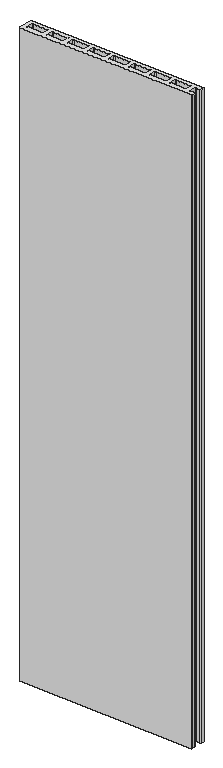
Revit family "ECP_MNH-5060A(オス側カット)", category 一般モデル, Revit 2022
Family settings
  鉄筋をホスト可能 = いいえ
  丸型コネクタ寸法 = 直径を使用
  パーツ タイプ = 標準
  作業面ベース = いいえ
  常に垂直 = はい
  ロード時にボイドで切り取り = はい
  注釈の向きを維持 = いいえ
  共有 = いいえ
  部屋計算ポイント = いいえ
Parameters (values of type "ECP_MNH-5060A")
  長さ [instance] = 2000 mm
  穴表示 = yes
  材質 = 40Msr_ECP
  既定の高さ = 0 mm
  既存長さ = 500 mm
  幅 [instance] = 590 mm
  固定寸法 = 590 mm
  厚さ = 50 mm
  オス側カット [instance] = 固定寸法 - 幅  # 0 mm
  4 オス側カット [instance] = yes
Reference planes
  plane 1 "中心(正面/背面)": y = 0
  plane 2: z = 0
  plane 3 "中心(左/右)": x = 0
  plane 4: y = -25
  plane 5: y = 25
  plane 6: z = 2000
  plane 7: x = 590
  plane 8: x = 0
  plane 9: x = 0
Forms (mm)
  Extrusion 1, solid, material "40Msr_ECP" <- "材質", detail levels fine
    sketch origin (0, 0, 0) x (1, 0, 0) y (0, 1, 0)
      loop
        line (0, -23) -> (2, -25) -> (588, -25) -> (590, -23) -> (590, -15)
        arc (590, -15) -> (589.121, -12.879) -> (587, -12) r 3
        line (587, -12) -> (573, -12)
        arc (573, -12) -> (570.879, -11.121) -> (570, -9) r 3
        line (570, -9) -> (570, 9)
        arc (570, 9) -> (570.879, 11.121) -> (573, 12) r 3
        line (573, 12) -> (587, 12)
        arc (587, 12) -> (589.121, 12.879) -> (590, 15) r 3
        line (590, 15) -> (590, 23) -> (588, 25) -> (2, 25) -> (0, 23) -> (0, 13)
        arc (0, 13) -> (-0.879, 10.879) -> (-3, 10) r 3
        line (-3, 10) -> (-17, 10)
        arc (-17, 10) -> (-19.121, 9.121) -> (-20, 7) r 3
        line (-20, 7) -> (-20, -7)
        arc (-20, -7) -> (-19.121, -9.121) -> (-17, -10) r 3
        line (-17, -10) -> (-3, -10)
        arc (-3, -10) -> (-0.879, -10.879) -> (0, -13) r 3
        line (0, -13) -> (0, -23)
    from 0 to 2000
  Extrusion 2, void
    sketch origin (-50, 0, 0) x (1, 0, 0) y (0, 1, 0)
      loop
        line (50, -25) -> (50, 25) -> (30, 25) -> (30, -25) -> (50, -25)
    from 0 to 2000
  Extrusion 3, void
    sketch origin (-617, 0, 0) x (1, 0, 0) y (0, 1, 0)
      loop
        line (633, -12) -> (682.5, -12)
        arc (682.5, -12) -> (684.622, -11.121) -> (685.5, -9) r 3
        line (685.5, -9) -> (685.5, 9)
        arc (685.5, 9) -> (684.622, 11.121) -> (682.5, 12) r 3
        line (682.5, 12) -> (633, 12)
        arc (633, 12) -> (630.879, 11.121) -> (630, 9) r 3
        line (630, 9) -> (630, -9)
        arc (630, -9) -> (630.879, -11.121) -> (633, -12) r 3
      loop
        line (701.5, -12) -> (752.5, -12)
        arc (752.5, -12) -> (754.622, -11.121) -> (755.5, -9) r 3
        line (755.5, -9) -> (755.5, 9)
        arc (755.5, 9) -> (754.622, 11.121) -> (752.5, 12) r 3
        line (752.5, 12) -> (701.5, 12)
        arc (701.5, 12) -> (699.379, 11.121) -> (698.5, 9) r 3
        line (698.5, 9) -> (698.5, -9)
        arc (698.5, -9) -> (699.379, -11.121) -> (701.5, -12) r 3
      loop
        line (771.5, -12) -> (822.5, -12)
        arc (822.5, -12) -> (824.622, -11.121) -> (825.5, -9) r 3
        line (825.5, -9) -> (825.5, 9)
        arc (825.5, 9) -> (824.622, 11.121) -> (822.5, 12) r 3
        line (822.5, 12) -> (771.5, 12)
        arc (771.5, 12) -> (769.379, 11.121) -> (768.5, 9) r 3
        line (768.5, 9) -> (768.5, -9)
        arc (768.5, -9) -> (769.379, -11.121) -> (771.5, -12) r 3
      loop
        line (841.5, -12) -> (892.5, -12)
        arc (892.5, -12) -> (894.622, -11.121) -> (895.5, -9) r 3
        line (895.5, -9) -> (895.5, 9)
        arc (895.5, 9) -> (894.622, 11.121) -> (892.5, 12) r 3
        line (892.5, 12) -> (841.5, 12)
        arc (841.5, 12) -> (839.379, 11.121) -> (838.5, 9) r 3
        line (838.5, 9) -> (838.5, -9)
        arc (838.5, -9) -> (839.379, -11.121) -> (841.5, -12) r 3
      loop
        line (911.5, -12) -> (962.5, -12)
        arc (962.5, -12) -> (964.622, -11.121) -> (965.5, -9) r 3
        line (965.5, -9) -> (965.5, 9)
        arc (965.5, 9) -> (964.622, 11.121) -> (962.5, 12) r 3
        line (962.5, 12) -> (911.5, 12)
        arc (911.5, 12) -> (909.379, 11.121) -> (908.5, 9) r 3
        line (908.5, 9) -> (908.5, -9)
        arc (908.5, -9) -> (909.379, -11.121) -> (911.5, -12) r 3
      loop
        line (981.5, -12) -> (1032.5, -12)
        arc (1032.5, -12) -> (1034.622, -11.121) -> (1035.5, -9) r 3
        line (1035.5, -9) -> (1035.5, 9)
        arc (1035.5, 9) -> (1034.622, 11.121) -> (1032.5, 12) r 3
        line (1032.5, 12) -> (981.5, 12)
        arc (981.5, 12) -> (979.379, 11.121) -> (978.5, 9) r 3
        line (978.5, 9) -> (978.5, -9)
        arc (978.5, -9) -> (979.379, -11.121) -> (981.5, -12) r 3
      loop
        line (1051.5, -12) -> (1102.5, -12)
        arc (1102.5, -12) -> (1104.622, -11.121) -> (1105.5, -9) r 3
        line (1105.5, -9) -> (1105.5, 9)
        arc (1105.5, 9) -> (1104.622, 11.121) -> (1102.5, 12) r 3
        line (1102.5, 12) -> (1051.5, 12)
        arc (1051.5, 12) -> (1049.379, 11.121) -> (1048.5, 9) r 3
        line (1048.5, 9) -> (1048.5, -9)
        arc (1048.5, -9) -> (1049.379, -11.121) -> (1051.5, -12) r 3
      loop
        line (1121.5, -12) -> (1171, -12)
        arc (1171, -12) -> (1173.122, -11.121) -> (1174, -9) r 3
        line (1174, -9) -> (1174, 9)
        arc (1174, 9) -> (1173.122, 11.121) -> (1171, 12) r 3
        line (1171, 12) -> (1121.5, 12)
        arc (1121.5, 12) -> (1119.379, 11.121) -> (1118.5, 9) r 3
        line (1118.5, 9) -> (1118.5, -9)
        arc (1118.5, -9) -> (1119.379, -11.121) -> (1121.5, -12) r 3
    from 0 to 2000
Cuts and joins
  Extrusion 2, Extrusion 3 cuts Extrusion 1
Lines and regions (mm)
  symbolic lines, style "ECPパネル", detail levels coarse+medium
    curve 1: line (0, 25, 0) -> (590, 25, 0)
    curve 2: line (0, -25, 0) -> (0, 25, 0)
    curve 3: line (590, -25, 0) -> (0, -25, 0)
    curve 4: line (590, 25, 0) -> (590, -25, 0)
    curve 5: line (0, 0, 0) -> (590, 0, 0)
    curve 6: line (0, 0, 2000) -> (0, 0, 0)
    curve 7: line (590, 0, 2000) -> (0, 0, 2000)
    curve 8: line (590, 0, 0) -> (590, 0, 2000)
    curve 9: line (0, -25, 2000) -> (0, 25, 2000)
    curve 10: line (0, -25, 0) -> (0, -25, 2000)
    curve 11: line (0, 25, 0) -> (0, -25, 0)
    curve 12: line (0, 25, 2000) -> (0, 25, 0)
Dimensions and locks
  "厚さ": plane 4 to plane 5
  "長さ": plane 6 to level
  equal spacing: plane 4, plane 1 "中心(正面/背面)", plane 5
  "長さ": cut or joined group of Extrusion 1, Extrusion 2, Extrusion 3 to level
  "長さ": Extrusion 2 to level
  "幅": cut or joined group of Extrusion 1, Extrusion 2, Extrusion 3 to curve 8
  "長さ": level to Extrusion 3
  "オス側カット": plane 3 "中心(左/右)" to Extrusion 2 sketch curve
  Extrusion 2 sketch curve to plane 7 = 590 mm
  "固定寸法": plane 8 to plane 7
  "幅": plane 9 to plane 7
  aligned and locked: level to plane 2
Automatic sketch dimensions
  curve 11 to level = 0 mm
  curve 11 to plane 4 = 0 mm
  curve 11 to plane 5 = 0 mm
  curve 10 to plane 6 = 0 mm
  curve 7 to plane 3 "中心(左/右)" = 0 mm
  curve 5 to level = 0 mm
  curve 7 to plane 6 = 0 mm
  Extrusion 1 sketch curve to plane 3 "中心(左/右)" = 0 mm  (x2)
  plane 5 to Extrusion 1 sketch curve = 0 mm
  plane 4 to Extrusion 1 sketch curve = 0 mm
  Extrusion 1 sketch curve to plane 3 "中心(左/右)" = 3 mm  (x2)
  Extrusion 1 sketch curve to Extrusion 1 sketch curve = 14 mm  (x4)
  Extrusion 1 sketch curve to Extrusion 1 sketch curve = 3 mm  (x3)
  plane 3 "中心(左/右)" to Extrusion 1 sketch curve = 2 mm  (x2)
  plane 1 "中心(正面/背面)" to Extrusion 1 sketch curve = 9 mm
  Extrusion 1 sketch curve to Extrusion 1 sketch curve = 1 mm  (x2)
  Extrusion 1 sketch curve to Extrusion 1 sketch curve = 2 mm  (x2)
  Extrusion 1 sketch curve to plane 4 = 2 mm  (x2)
  Extrusion 1 sketch curve to Extrusion 1 sketch curve = 10 mm
  Extrusion 1 sketch curve to plane 1 "中心(正面/背面)" = 7 mm
  Extrusion 1 sketch curve to plane 1 "中心(正面/背面)" = 9 mm
  plane 5 to Extrusion 1 sketch curve = 2 mm  (x2)
  Extrusion 1 sketch curve to Extrusion 1 sketch curve = 568 mm
  plane 4 to Extrusion 2 sketch curve = 0 mm
  plane 5 to Extrusion 2 sketch curve = 0 mm
  Extrusion 2 sketch curve to plane 3 "中心(左/右)" = 20 mm
  plane 3 "中心(左/右)" to Extrusion 3 sketch curve = 13 mm
  Extrusion 3 sketch curve to Extrusion 3 sketch curve = 3 mm  (x23)
  Extrusion 3 sketch curve to plane 1 "中心(正面/背面)" = 12 mm  (x8)
  Extrusion 3 sketch curve to Extrusion 3 sketch curve = 49.5 mm
  plane 1 "中心(正面/背面)" to Extrusion 3 sketch curve = 9 mm  (x9)
  Extrusion 3 sketch curve to Extrusion 3 sketch curve = 0 mm  (x8)
  Extrusion 3 sketch curve to Extrusion 3 sketch curve = 13 mm  (x7)
  Extrusion 3 sketch curve to Extrusion 3 sketch curve = 51 mm  (x6)
  Extrusion 3 sketch curve to plane 7 = 36 mm
  plane 4 to curve 3 = 0 mm
  curve 3 to plane 9 = 0 mm
  curve 3 to plane 7 = 0 mm
  plane 5 to curve 2 = 0 mm
